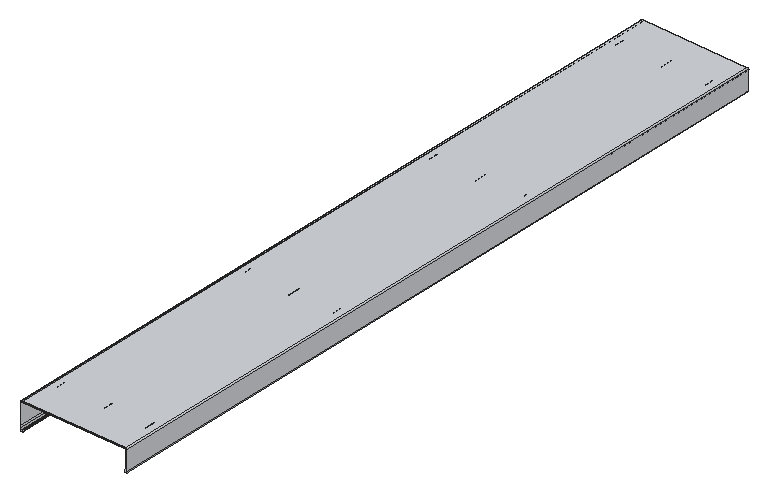
Revit family "AT275", category 一般モデル, Revit 2020
Family settings
  鉄筋をホスト可能 = いいえ
  丸型コネクタ寸法 = 直径を使用
  パーツ タイプ = 標準
  作業面ベース = いいえ
  常に垂直 = はい
  ロード時にボイドで切り取り = いいえ
  共有 = いいえ
  部屋計算ポイント = いいえ
Parameters
  笠木長さ [instance] = 2000 mm
  既定の高さ = 0 mm
  定尺笠木長さ = 4000 mm
  固定金具数 [instance] = 4
  判定 [instance] = if(笠木長さ > 4000 mm, 定尺笠木長さ, 笠木長さ)  # 2000 mm
Reference planes
  plane 1 "中心(正面/背面)": y = 0
  plane 2: z = 0
  plane 3 "中心(左/右)": x = 0
  plane 4: y = -2000
  plane 5: x = 135
  plane 6: x = -135
  plane 7: z = -43
  plane 8: y = -100
  plane 9: y = -1900
Forms (mm)
  Extrusion 1, solid
    sketch origin (-214.726, 0, -131.655) x (1, 0, 0) y (0, 0, 1)
      loop
        line (351.89, 143.81) -> (82.89, 158.482)
        arc (82.89, 158.482) -> (80.664, 157.665) -> (79.726, 155.487) r 3
        line (79.726, 155.487) -> (79.726, 89.155)
        arc (79.726, 89.155) -> (79.873, 88.801) -> (80.226, 88.655) r 0.5
        line (80.226, 88.655) -> (85.726, 88.655)
        arc (85.726, 88.655) -> (86.08, 88.801) -> (86.226, 89.155) r 0.5
        line (86.226, 89.155) -> (86.226, 91.455)
        arc (86.226, 91.455) -> (86.08, 91.809) -> (85.726, 91.955) r 0.5
        line (85.726, 91.955) -> (82.226, 91.955) -> (82.226, 96.955) -> (81.726, 101.955) -> (81.726, 154.431)
        arc (81.726, 154.431) -> (82.351, 155.883) -> (83.835, 156.428) r 2
        line (83.835, 156.428) -> (350.835, 141.864)
        arc (350.835, 141.864) -> (352.179, 141.242) -> (352.726, 139.867) r 2
        line (352.726, 139.867) -> (352.726, 101.955) -> (352.226, 96.955) -> (352.226, 91.955) -> (348.726, 91.955)
        arc (348.726, 91.955) -> (348.373, 91.809) -> (348.226, 91.455) r 0.5
        line (348.226, 91.455) -> (348.226, 89.155)
        arc (348.226, 89.155) -> (348.373, 88.801) -> (348.726, 88.655) r 0.5
        line (348.726, 88.655) -> (354.226, 88.655)
        arc (354.226, 88.655) -> (354.58, 88.801) -> (354.726, 89.155) r 0.5
        line (354.726, 89.155) -> (354.726, 140.814)
        arc (354.726, 140.814) -> (353.905, 142.877) -> (351.89, 143.81) r 3
    from 0 to 2000
  Extrusion 2, solid, not visible
    sketch origin (337.223, 0, -37.222) x (1, 0, 0) y (0, 0, 1)
      loop
        line (351.89, 143.81) -> (82.89, 158.482)
        arc (82.89, 158.482) -> (80.664, 157.665) -> (79.726, 155.487) r 3
        line (79.726, 155.487) -> (79.726, 89.155)
        arc (79.726, 89.155) -> (79.873, 88.801) -> (80.226, 88.655) r 0.5
        line (80.226, 88.655) -> (85.726, 88.655)
        arc (85.726, 88.655) -> (86.08, 88.801) -> (86.226, 89.155) r 0.5
        line (86.226, 89.155) -> (86.226, 91.455)
        arc (86.226, 91.455) -> (86.08, 91.809) -> (85.726, 91.955) r 0.5
        line (85.726, 91.955) -> (82.226, 91.955) -> (82.226, 96.955) -> (81.726, 101.955) -> (81.726, 154.431)
        arc (81.726, 154.431) -> (82.351, 155.883) -> (83.835, 156.428) r 2
        line (83.835, 156.428) -> (350.835, 141.864)
        arc (350.835, 141.864) -> (352.179, 141.242) -> (352.726, 139.867) r 2
        line (352.726, 139.867) -> (352.726, 101.955) -> (352.226, 96.955) -> (352.226, 91.955) -> (348.726, 91.955)
        arc (348.726, 91.955) -> (348.373, 91.809) -> (348.226, 91.455) r 0.5
        line (348.226, 91.455) -> (348.226, 89.155)
        arc (348.226, 89.155) -> (348.373, 88.801) -> (348.726, 88.655) r 0.5
        line (348.726, 88.655) -> (354.226, 88.655)
        arc (354.226, 88.655) -> (354.58, 88.801) -> (354.726, 89.155) r 0.5
        line (354.726, 89.155) -> (354.726, 140.814)
        arc (354.726, 140.814) -> (353.905, 142.877) -> (351.89, 143.81) r 3
    from 0 to 250
Dimensions and locks
  "笠木長さ": plane 4 to plane 1 "中心(正面/背面)"
  locked: plane 6 to plane 3 "中心(左/右)" at 135
  plane 5 to plane 3 "中心(左/右)" = 135 mm
  plane 6 to plane 5 = 270 mm
  locked: plane 7 to plane 2 at 43
  locked: plane 9 to plane 4 at 100
  locked: plane 1 "中心(正面/背面)" to plane 8 at 100
  locked: plane 8 to nested 1 at 25
  equal spacing: group 2, group 4, group 5, group 3  (x2)
  equal spacing: group 3, group 5, group 4, group 2
  locked: plane 9 to nested 2 at 25
  "判定": Extrusion 1 to plane 1 "中心(正面/背面)"
  aligned and locked: level to plane 2
  aligned and locked: plane 6 to Extrusion 1
  aligned and locked: Extrusion 1 to plane 7
  aligned and locked: Extrusion 1 to plane 4
Automatic sketch dimensions
  plane 6 to Extrusion 1 sketch curve = 0 mm
  Extrusion 1 sketch curve to plane 7 = 0 mm  (x2)
  Extrusion 1 sketch curve to plane 6 = 0.5 mm
  Extrusion 1 sketch curve to plane 6 = 2 mm
  Extrusion 1 sketch curve to plane 6 = 2.5 mm
  Extrusion 1 sketch curve to Extrusion 1 sketch curve = 1 mm  (x2)
  Extrusion 1 sketch curve to Extrusion 1 sketch curve = 0.163 mm
  Extrusion 1 sketch curve to Extrusion 1 sketch curve = 1.109 mm
  plane 7 to Extrusion 1 sketch curve = 0.5 mm  (x2)
  Extrusion 1 sketch curve to Extrusion 1 sketch curve = 3.5 mm
  Extrusion 1 sketch curve to Extrusion 1 sketch curve = 0.5 mm  (x3)
  plane 5 to Extrusion 1 sketch curve = 1.5 mm
  Extrusion 1 sketch curve to plane 5 = 1 mm
  Extrusion 1 sketch curve to plane 5 = 1.109 mm
  Extrusion 1 sketch curve to Extrusion 1 sketch curve = 0.891 mm
  Extrusion 1 sketch curve to plane 5 = 2.163 mm
  Extrusion 1 sketch curve to plane 5 = 2.5 mm
  Extrusion 1 sketch curve to plane 5 = 3 mm
  Extrusion 1 sketch curve to Extrusion 1 sketch curve = 2 mm
  Extrusion 1 sketch curve to Extrusion 1 sketch curve = 2.3 mm  (x2)
  Extrusion 1 sketch curve to Extrusion 1 sketch curve = 5 mm  (x4)
  level to Extrusion 1 sketch curve = 8.212 mm
  Extrusion 1 sketch curve to Extrusion 1 sketch curve = 1.05 mm
  level to Extrusion 1 sketch curve = 22.776 mm
  Extrusion 1 sketch curve to Extrusion 1 sketch curve = 0.941 mm
Nested families
  nested 1: "ATAF275" at (0, -75, 0), type "ATAF275"
  nested 2: "ATAF275" at (0, -1875, 0), type "ATAF275"
  nested 3: "ATAF275" at (0, -675, 0), type "ATAF275"
  nested 4: "ATAF275" at (0, -1275, 0), type "ATAF275"
Definition of nested family "ATAF275"
  Parameters
    Default Elevation = 0 mm
  Reference planes
    plane 1 "中心(正面/背面)": y = 0
    plane 2: z = 0
    plane 3 "中心(左/右)": x = 0
  Forms (mm)
    Extrusion 1, solid
      sketch origin (-217.226, 0, -131.091) x (1, 0, 0) y (0, 0, 1)
        loop
          line (352.226, 91.955) -> (352.226, 100.577) -> (342.626, 140.501) -> (320.671, 141.699) -> (320.626, 138.205)
          arc (320.626, 138.205) -> (320.003, 136.755) -> (318.523, 136.208) r 2
          line (318.523, 136.208) -> (302.634, 137.091) -> (289.903, 137.091) -> (257.706, 137.091) -> (253.535, 134.731) -> (227.226, 134.691) -> (227.226, 137.091) -> (225.726, 137.091) -> (225.726, 134.691) -> (219.876, 134.691)
          arc (219.876, 134.691) -> (218.815, 135.13) -> (218.376, 136.191) r 1.5
          line (218.376, 136.191) -> (218.376, 142.88)
          arc (218.376, 142.88) -> (218.848, 143.973) -> (219.968, 144.377) r 1.5
          line (219.968, 144.377) -> (227.226, 143.978) -> (227.226, 146.281) -> (217.242, 146.83) -> (207.226, 147.381) -> (207.226, 145.078) -> (214.668, 144.668)
          arc (214.668, 144.668) -> (215.669, 144.199) -> (216.076, 143.171) r 1.5
          line (216.076, 143.171) -> (216.076, 136.191)
          arc (216.076, 136.191) -> (215.636, 135.13) -> (214.576, 134.691) r 1.5
          line (214.576, 134.691) -> (208.726, 134.691) -> (208.726, 137.091) -> (207.226, 137.091) -> (207.226, 134.691) -> (181.066, 134.691) -> (176.895, 137.051) -> (148.472, 137.091) -> (131.836, 137.091) -> (121.092, 136.376)
          arc (121.092, 136.376) -> (118.093, 137.446) -> (116.826, 140.367) r 4
          line (116.826, 140.367) -> (116.826, 152.321) -> (91.826, 154.181) -> (82.226, 99.243) -> (82.226, 91.955) -> (84.326, 91.955) -> (84.326, 95.662) -> (94.269, 145.493)
          arc (94.269, 145.493) -> (95.786, 147.884) -> (98.507, 148.67) r 4
          line (98.507, 148.67) -> (109.718, 147.836)
          arc (109.718, 147.836) -> (111.36, 147.042) -> (112.026, 145.344) r 2.5
          line (112.026, 145.344) -> (112.026, 131.091) -> (325.426, 131.091) -> (325.426, 134.983)
          arc (325.426, 134.983) -> (326.405, 136.125) -> (327.862, 136.499) r 2.5
          line (327.862, 136.499) -> (336.835, 136.01)
          arc (336.835, 136.01) -> (339.148, 135.131) -> (340.501, 133.059) r 4
          line (340.501, 133.059) -> (350.115, 97.51) -> (350.126, 91.955) -> (352.226, 91.955)
      from 0 to 50
  Dimensions and locks
    Extrusion 1 to level = 0 mm
    Extrusion 1 to plane 3 "中心(左/右)" = 135 mm
    aligned and locked: level to plane 2
